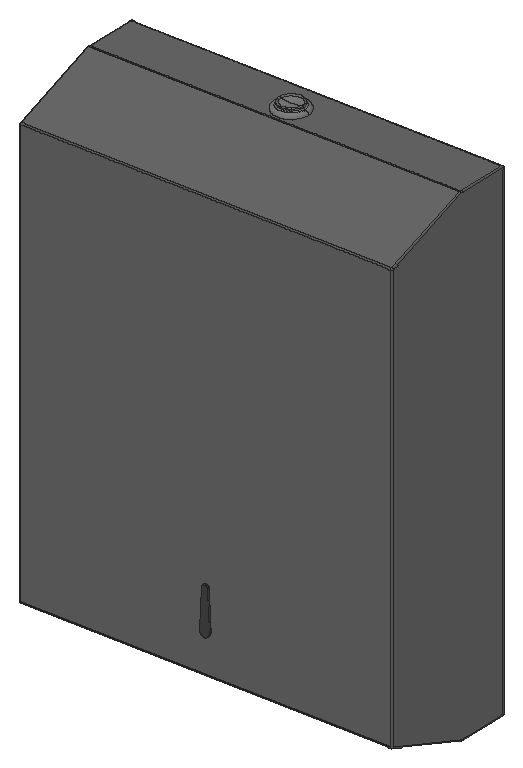
Revit family "rba-bim-rba7742-777-003", category Plumbing Fixtures, Revit 2018
Family settings
  Round Connector Dimension = Use Diameter
  Part Type = Normal
  Work Plane-Based = No
  Always vertical = Yes
  Cut with Voids When Loaded = No
  Shared = Yes
  Room Calculation Point = No
Parameters (values of type "RBA7742-777-003")
  Watermarked By = "www.rba.com.au"
  URL = "www.rba.com.au"
  Phone Number = ""
  Modified Issue = "20211014.01"
  Model = "RBA7742-777-003"
  Materials and Finishes = Stainless Steel Matte Black Finish
  Manufacturer = "RBA Group"  # constant formula
  Description = "Matte Black Paper Towel Dispenser"
  Copyright by = "RBA Group"  # constant formula
Reference planes
  plane 1 "Center (Front/Back)": y = 0
  plane 2: z = 0
  plane 3 "Center (Left/Right)": x = 0
  plane 4: x = 140
  plane 5: x = -140
  plane 6: y = -105
  plane 7: z = 375
Forms (mm)
  Extrusion 1, solid, material "Stainless Steel Matte Black Finish" <- "Materials and Finishes"
    sketch origin (63.225, 0, 0) x (0, 1, 0) y (0, 0, 1)
      loop
        line (0, 1) -> (0, 369)
        arc (0, 369) -> (-0.293, 369.707) -> (-1, 370) r 1
        line (-1, 370) -> (-39.118, 370)
        arc (-39.118, 370) -> (-39.987, 369.924) -> (-40.828, 369.698) r 5
        line (-40.828, 369.698) -> (-104.342, 346.581)
        arc (-104.342, 346.581) -> (-104.819, 346.215) -> (-105, 345.642) r 1
        line (-105, 345.642) -> (-105, 24.358)
        arc (-105, 24.358) -> (-104.819, 23.785) -> (-104.342, 23.419) r 1
        line (-104.342, 23.419) -> (-40.828, 0.302)
        arc (-40.828, 0.302) -> (-39.987, 0.076) -> (-39.118, 0) r 5
        line (-39.118, 0) -> (-1, 0)
        arc (-1, 0) -> (-0.293, 0.293) -> (0, 1) r 1
    from -203.225 to 76.775
  Sweep 2, void
    path in 3D
      loop
        arc (140, -39.118, 370) -> (140, -39.987, 369.924) -> (140, -40.828, 369.698) r 5
        line (140, -40.828, 369.698) -> (140, -104.342, 346.581)
        arc (140, -104.342, 346.581) -> (140, -104.819, 346.215) -> (140, -105, 345.642) r 1
        line (140, -105, 345.642) -> (140, -105, 24.358)
        arc (140, -105, 24.358) -> (140, -104.819, 23.785) -> (140, -104.342, 23.419) r 1
        line (140, -104.342, 23.419) -> (140, -40.828, 0.302)
        arc (140, -40.828, 0.302) -> (140, -39.987, 0.076) -> (140, -39.118, 0) r 5
        line (140, -39.118, 0) -> (140, -1, 0)
        arc (140, -1, 0) -> (140, -0.293, 0.293) -> (140, 0, 1) r 1
        line (140, 0, 1) -> (140, 0, 369)
        arc (140, 0, 369) -> (140, -0.293, 369.707) -> (140, -1, 370) r 1
        line (140, -1, 370) -> (140, -39.118, 370)
    profile origin (140, -20.059, 370) x (1, 0, 0) y (0, 0, 1)
      loop
        line (0, 0) -> (-1, 0)
        arc (-1, 0) -> (-0.293, -0.293) -> (0, -1) r 1
        line (0, -1) -> (0, 0)
  Sweep 3, void
    path in 3D
      loop
        arc (-140, -1, 370) -> (-140, -0.293, 369.707) -> (-140, 0, 369) r 1
        line (-140, 0, 369) -> (-140, 0, 1)
        arc (-140, 0, 1) -> (-140, -0.293, 0.293) -> (-140, -1, 0) r 1
        line (-140, -1, 0) -> (-140, -39.118, 0)
        arc (-140, -39.118, 0) -> (-140, -39.987, 0.076) -> (-140, -40.828, 0.302) r 5
        line (-140, -40.828, 0.302) -> (-140, -104.342, 23.419)
        arc (-140, -104.342, 23.419) -> (-140, -104.819, 23.785) -> (-140, -105, 24.358) r 1
        line (-140, -105, 24.358) -> (-140, -105, 345.642)
        arc (-140, -105, 345.642) -> (-140, -104.819, 346.215) -> (-140, -104.342, 346.581) r 1
        line (-140, -104.342, 346.581) -> (-140, -40.828, 369.698)
        arc (-140, -40.828, 369.698) -> (-140, -39.987, 369.924) -> (-140, -39.118, 370) r 5
        line (-140, -39.118, 370) -> (-140, -1, 370)
    profile origin (-140, -20.059, 370) x (-1, 0, 0) y (0, 0, 1)
      loop
        line (0, 0) -> (-1, 0)
        arc (-1, 0) -> (-0.293, -0.293) -> (0, -1) r 1
        line (0, -1) -> (0, 0)
  Extrusion 4, solid, material "Stainless Steel Black"
    sketch origin (46.858, 0, 23.71) x (1, 0, 0) y (0, 0, 1)
      loop
        line (-48.858, 59.79) -> (-50.358, 29.79)
        arc (-50.358, 29.79) -> (-46.858, 26.29) -> (-43.358, 29.79) r 3.5
        line (-43.358, 29.79) -> (-44.858, 59.79)
        arc (-44.858, 59.79) -> (-46.858, 61.79) -> (-48.858, 59.79) r 2
    from 105 to 106
  Revolve 5, solid, material "Default"
    sketch origin (31.593, -25, 0) x (-1, 0, 0) y (0, 0, -1)
      loop
        line (31.593, -370) -> (18.921, -370)
        arc (18.921, -370) -> (19.709, -371.902) -> (21.61, -372.689) r 2.689
        arc (21.61, -372.689) -> (22.36, -373) -> (22.671, -373.75) r 1.061
        line (22.671, -373.75) -> (22.671, -374.586)
        arc (22.671, -374.586) -> (23.113, -374.999) -> (23.496, -374.53) r 0.414
        line (23.496, -374.53) -> (31.593, -373.821) -> (31.593, -370)
      axis (31.593, -374.586) -> (31.593, -370)
    angle from 0 to 360
Cuts and joins
  Sweep 2, Sweep 3 cuts Extrusion 1
Lines and regions (mm)
  sketch lines
    curve 1: line (140, -1, 370) -> (140, -39.118, 370)
    curve 2: line (140, 0, 1) -> (140, 0, 369)
    curve 3: line (140, -40.828, 369.698) -> (140, -104.342, 346.581)
    curve 4: arc (140, -40.828, 369.698) -> (140, -39.987, 369.924) -> (140, -39.118, 370) r 5
    curve 5: arc (140, -1, 370) -> (140, -0.293, 369.707) -> (140, 0, 369) r 1
    curve 6: arc (140, -105, 345.642) -> (140, -104.819, 346.215) -> (140, -104.342, 346.581) r 1
    curve 7: line (140, -105, 345.642) -> (140, -105, 24.358)
    curve 8: arc (140, -104.342, 23.419) -> (140, -104.819, 23.785) -> (140, -105, 24.358) r 1
    curve 9: line (140, -104.342, 23.419) -> (140, -40.828, 0.302)
    curve 10: arc (140, -39.118, 0) -> (140, -39.987, 0.076) -> (140, -40.828, 0.302) r 5
    curve 11: line (140, -39.118, 0) -> (140, -1, 0)
    curve 12: arc (140, 0, 1) -> (140, -0.293, 0.293) -> (140, -1, 0) r 1
    curve 13: line (-140, -39.118, 370) -> (-140, -1, 370)
    curve 14: arc (-140, -39.118, 370) -> (-140, -39.987, 369.924) -> (-140, -40.828, 369.698) r 5
    curve 15: line (-140, -104.342, 346.581) -> (-140, -40.828, 369.698)
    curve 16: arc (-140, -104.342, 346.581) -> (-140, -104.819, 346.215) -> (-140, -105, 345.642) r 1
    curve 17: line (-140, -105, 24.358) -> (-140, -105, 345.642)
    curve 18: arc (-140, -105, 24.358) -> (-140, -104.819, 23.785) -> (-140, -104.342, 23.419) r 1
    curve 19: arc (-140, -40.828, 0.302) -> (-140, -39.987, 0.076) -> (-140, -39.118, 0) r 5
    curve 20: line (-140, -1, 0) -> (-140, -39.118, 0)
    curve 21: line (-140, -40.828, 0.302) -> (-140, -104.342, 23.419)
    curve 22: arc (-140, -1, 0) -> (-140, -0.293, 0.293) -> (-140, 0, 1) r 1
    curve 23: line (-140, 0, 369) -> (-140, 0, 1)
    curve 24: arc (-140, 0, 369) -> (-140, -0.293, 369.707) -> (-140, -1, 370) r 1
Dimensions and locks
  aligned and locked: level to plane 2
